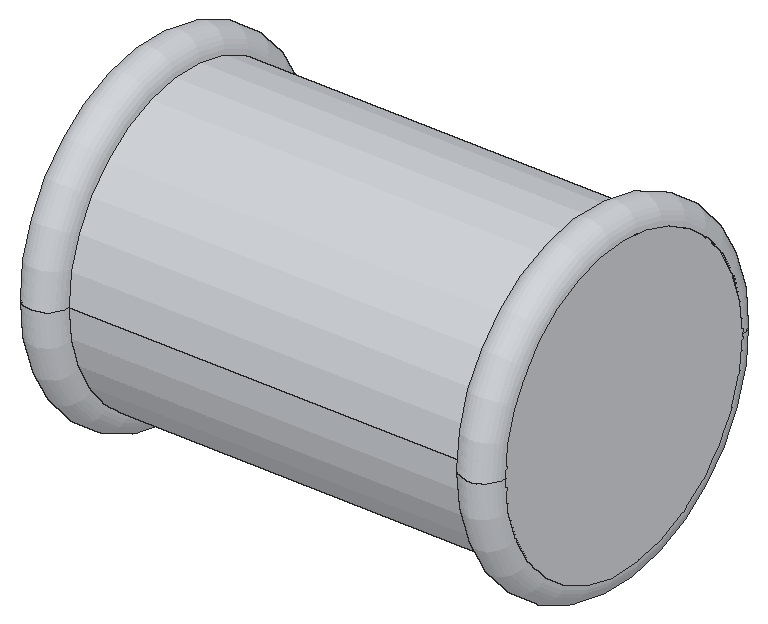
Revit family "M_Conexão de conduíte - Compressão - Aço", category Conexões do conduite, Revit 2019
Family settings
  Cota do conector redondo = Usar raio
  Tipo de parte = União
  Número OmniClass = 23.80.30.17.11
  Título OmniClass = Conduits
  ID de item do Seek = Conduit Coupling - Compression - Steel-0000-CAN-ENU
  Com base no plano de trabalho = Não
  Sempre na vertical = Sim
  Corte com vazios quando carregada = Não
  Compartilhado = Não
Parameters (values of type "Padrão")
  Raio nominal [instance] = 8 mm
  Diâmetro nominal [instance] = Raio nominal * 2  # 16 mm
  Comprimento 1 [instance] = Diâmetro externo da conexão / 14  # 1.701 mm
  Raio externo da conexão [instance] = Diâmetro externo da conexão / 2  # 11.906 mm
  Diâmetro externo da conexão [instance] = size_lookup(Pesquisa de tamanho de conduite, "FOD", 1.22 * Diâmetro nominal + 6.35 mm, Diâmetro nominal)  # 23.813 mm
  Comprimento [instance] = size_lookup(Pesquisa de tamanho de conduite, "Lgt", 1.15 * Diâmetro nominal + 26.69 mm, Diâmetro nominal)  # 38.497 mm
  Pesquisa de tamanho de conduite = "M_Conduit Coupling - Compression - Steel"
Reference planes
  plane 1 "Centro (Frente/Trás)": y = 0
  plane 2: z = 0
  plane 3 "Centro (Esquerda/Direita)": x = 0
  plane 4: x = 38.497
  plane 5: x = 19.248
  plane 6: x = 1.701
  plane 7: x = 36.796
  plane 8: x = 35.095
  plane 9: x = 3.402
  plane 10: y = 11.906
Forms (mm)
  Sweep 1, solid, detail levels fine
    path in 3D
      loop
        line (0, 0, 0) -> (38.497, 0, 0)
    profile origin (19.248, 0, 0) x (0, 1, 0) y (0, 0, 1)
      loop
        circle (0, 0) r 11.906
  Revolve 2, solid, detail levels fine
    sketch origin (0, 0, 0) x (1, 0, 0) y (0, 1, 0)
      loop
        circle (1.701, 11.906) r 1.701
      axis (0, 0) -> (3.402, 0)
    angle from 0 to 360
  Revolve 3, solid, detail levels fine
    sketch origin (0, 0, 0) x (1, 0, 0) y (0, 1, 0)
      loop
        circle (36.796, 11.906) r 1.701
      axis (35.095, 0) -> (38.497, 0)
    angle from 0 to 360
Cuts and joins
  joined: Sweep 1, Revolve 2, Revolve 3
Lines and regions (mm)
  model lines, detail levels coarse+medium
    curve 1: line (0, 0, 0) -> (38.497, 0, 0)
  sketch lines
    curve 2: line (0, 0, 0) -> (38.497, 0, 0)
Dimensions and locks
  "Comprimento": plane 3 "Centro (Esquerda/Direita)" to plane 4
  equal spacing: plane 3 "Centro (Esquerda/Direita)", plane 5, plane 4
  "Comprimento 1": plane 3 "Centro (Esquerda/Direita)" to plane 6
  equal spacing: plane 6, plane 5, plane 7
  equal spacing: plane 8, plane 7, plane 4
  equal spacing: plane 9, plane 5, plane 8
  "Raio externo da conexão": plane 1 "Centro (Frente/Trás)" to plane 10
  "Raio externo da conexão": radius of Sweep 1 sketch curve
  "Comprimento 1": radius of Revolve 2 sketch curve
  "Comprimento 1": radius of Revolve 3 sketch curve
  aligned and locked: plane 3 "Centro (Esquerda/Direita)" to curve 1
  aligned and locked: plane 4 to curve 1
  aligned and locked: plane 1 "Centro (Frente/Trás)" to curve 1
  aligned and locked: plane 1 "Centro (Frente/Trás)" to Sweep 1 sketch curve
  aligned and locked: plane 2 to Sweep 1 sketch curve
  aligned and locked: plane 10 to Revolve 2 sketch curve
  aligned and locked: plane 6 to Revolve 2 sketch curve
  aligned and locked: plane 3 "Centro (Esquerda/Direita)" to Revolve 2 sketch curve
  aligned and locked: plane 4 to Revolve 2 sketch curve
  aligned and locked: plane 1 "Centro (Frente/Trás)" to Revolve 2 sketch curve
  aligned and locked: plane 10 to Revolve 3 sketch curve
  aligned and locked: plane 7 to Revolve 3 sketch curve
  aligned and locked: plane 1 "Centro (Frente/Trás)" to Revolve 3 sketch curve
  aligned and locked: plane 3 "Centro (Esquerda/Direita)" to Revolve 3 sketch curve
  aligned and locked: plane 4 to Revolve 3 sketch curve
Connectors
  cabletrayconduit at (0, 0, 0), diameter 16, driven by "Raio nominal"
    settings: on Sweep 1, index 1, connector width 304.8 mm, connector height 304.8 mm, connector angle 0.00°, system type 32, placement type 0, profile type 0, connector reference index 2, is primary connector yes, connector utility param no, connector description ""
  cabletrayconduit at (38.497, 0, 0), diameter 16, driven by "Raio nominal"
    settings: on Sweep 1, index 2, connector width 304.8 mm, connector height 304.8 mm, connector angle 0.00°, system type 32, placement type 0, profile type 0, connector reference index 1, is primary connector no, connector utility param no, connector description ""
